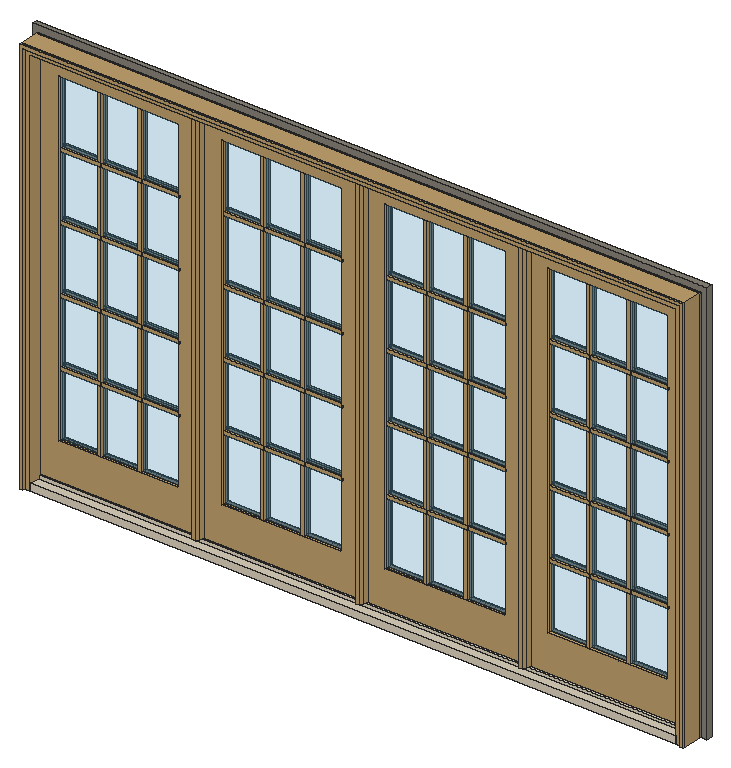
Revit family
Parameters (values of type "CUOFD12070")
  Void Offset = if(and(Casing Visibility, BMC), 0' 1 5/16", if(and(Casing Visibility, Flat Casing), 0' 3", 0' 0"))  # 0' - 1 5/16"
  URL = "www.marvin.com"
  Thickness = 0' - 1 3/4"
  Swing LH_RH = not(Swing Reverse LH_RH)  # yes
  Swing Reverse LH_RH = no
  Sill Material = Fiberglass_Pultrusion-Marvin-Beige
  Rough Width = Width + 0' 1"  # 12' - 0"
  Rough Height = Height + 0' 0 1/2"  # 7' - 2 1/2"
  Prairie Corner Width = 0' - 4"
  Prairie Corner Height = 0' - 4"
  Plan Swing Angle [instance] = 90.00°
  Panel Width = (Width - 0' 2 191/256") / 4  # 2' - 11.06348"
  OXXO Option 1 = Option Choice Constraint = 1  # yes
  XXOO_OOXX Option 2 = Option Choice Constraint = 2  # no
  OOOO Option 3 = Option Choice Constraint = 3  # no
  Note to User = "Enter Option Choice 1-3"  # constant formula
  Option Choice = 1
  Option Choice Constraint = if(Option Choice > 3, 3, if(Option Choice < 1, 1, Option Choice))  # 1
  Nominal Width = 12' - 0"
  Nominal Height = 7' - 0"
  Muntins Interior Visibility = yes
  Muntins Interior Material = Wood-Marvin-Pine
  Muntins Exterior Visibility = yes
  Muntins Exterior Material = Aluminum-Marvin-Bronze
  Model = "CUOFD12070"
  Manufacturer = "Marvin Windows and Doors"
  Lites Wide = 3
  Lites High = 5
  Lite Cut Prairie 9 = no
  Lite Cut HV Grid = not(Lite Cut Prairie 9)  # yes
  Label Visibility = no
  Jamb Extension Visibility = yes
  Interior Material = Wood-Marvin-Pine
  Inset to Installation Flange [instance] = 0' - 1"
  Height = if(Nominal Height = 6' 6", Nominal Height + 0' 1 1/2", if(Nominal Height = 8' 0", Nominal Height - 0' 0 1/2", Nominal Height + 0' 2"))  # 7' - 2"
  Wall Closure = (empty or 0)
  Width = Nominal Width - 0' 1"  # 11' - 11"
  Glazing Material = Glass-Marvin-IG Low E II with Argon
  Glass Type = "IG Low E II with Argon"
  Function = 1
  Frame = "Aluminum Clad"
  Flat Casing Visibility = and(Casing Visibility, Flat Casing)  # no
  Family created by = "www.rbuiltcomponents.com"
  Door Type = "Clad Ultimate Outswing French Door"
  Design Pressure = "DP30"
  Description = "14484 FR DOOR"
  Daylight Area = DLO Width * DLO Height * 4  # 49.8564 SF
  DLO Width = Panel Width - 0' 9 15/32"  # 2' - 1.59473"
  DLO Height = if(Bottom Rail Traditional, Height - 1' 3 7/8", Height - 1' 0 13/32")  # 5' - 10 1/8"
  Cladding Material = Aluminum-Marvin-Bronze
  Casing Width = if(BMC, 0' 1 5/16", 0' 3")  # 0' - 1 5/16"
  Casing Visibility = yes
  Bottom Rail Traditional = not(Bottom Rail Contemporary)  # yes
  Bottom Rail Contemporary = no
  Bottom Rail = if(Bottom Rail Traditional, 0' 9 31/32", 0' 6 1/2")  # 0' - 9 31/32"
  BMC Visibility = and(Casing Visibility, BMC)  # yes
  BMC = yes
  Flat Casing = not(BMC)  # no
  Assembly Code = ""
Reference planes (in)
  plane 1 "Center (Front/Back)": y = 0
  plane 2 "Center (Left/Right)": x = 0
  plane 3 "Left": x = -71.5
  plane 4 "Right": x = 71.5
  plane 5 "Top": z = 86
  plane 6 "Exterior": y = 3
  plane 7 "Interior": y = -3
  plane 8 "Inset": y = 2
  plane 9 "Glazing": y = 1.65625
  plane 10: x = -65.5625
  plane 11: x = 65.5625
  plane 12: z = 80.0625
  plane 13: z = 9.96875
  plane 14 "Jamb Ext Face": y = -2.5625
  plane 15: y = 2.09375
  plane 16: x = 39.96777
  plane 17: x = -39.96777
  plane 18: x = -52.76514
  plane 19: x = 52.76514
  plane 20 "Void Offset": z = 87.3125
  plane 21 "Casing": z = 87.3125
  plane 22: z = 43
  plane 23: x = 30.38965
  plane 24: x = 4.79492
  plane 25: x = -30.38965
  plane 26: x = -4.79492
  plane 27: x = 17.59229
  plane 28: x = -17.59229
  plane 29: y = -2.59375
Forms (in)
  Sweep 1, solid, material "Aluminum-Marvin-Bronze" <- "Cladding Material"
    path origin (0, 1.65625, 0) x (1, 0, 0) y (0, 0, 1)
      loop
        line (-71.5, 0) -> (-71.5, 86) -> (71.5, 86) -> (71.5, 0)
    profile "Clad_Frame : Clad_Frame" origin (-71.5, 1.65625, 43) x (-1, 0, 0) y (0, -1, 0)
      loop
        line (0, -1.43865) -> (0, 0) -> (-1.06374, 0) -> (-1.06374, -0.15859) -> (-0.93767, -0.15859) -> (-0.93767, -0.732) -> (-0.67848, -0.732) -> (-0.67848, -1.43865) -> (0, -1.43865)
  Sweep 2, solid, material "Wood-Marvin-Pine" <- "Interior Material"
    path origin (0, 1.65625, 0) x (1, 0, 0) y (0, 0, 1)
      loop
        line (-71.5, 0) -> (-71.5, 86) -> (71.5, 86) -> (71.5, 0)
    profile "Int_Frame : Int_Frame" origin (-71.5, 1.65625, 43) x (-1, 0, 0) y (0, -1, 0)
      loop
        line (0, 0) -> (0, 4.2176) -> (-1.75053, 4.2176) -> (-1.75053, 1.42331) -> (-1.06374, 1.42331) -> (-1.06374, 0) -> (0, 0)
  Sweep 3, solid, material "Fiberglass_Pultrusion-Marvin-Beige" <- "Sill Material"
    path origin (0, 2, 0) x (1, 0, 0) y (0, 0, 1)
      loop
        line (70.82152, 0) -> (-70.82152, 0)
    profile "Sill : Sill" origin (0, 2, 0) x (0, 0, -1) y (0, -1, 0)
      loop
        line (0, 4.56948) -> (-1.57326, 4.56948) -> (-1.32364, 2.19448) -> (-2.005, 2.19448) -> (-2.005, 1.75698) -> (-1.55064, 1.75698) -> (-1.35612, -0.09375) -> (-0.5775, -0.09375) -> (-0.5775, -1.09375) -> (0, -1.09375) -> (0, 4.56948)
  Extrusion 4, solid, material "Wood-Marvin-Pine" <- "Interior Material", visible <- "Jamb Extension Visibility", detail levels medium+fine
    sketch origin (0, -2.5625, 0) x (1, 0, 0) y (0, 0, 1)
      loop
        line (-71.5, 0) -> (-70.8125, 0) -> (-70.8125, 85.3125) -> (70.8125, 85.3125) -> (70.8125, 0) -> (71.5, 0) -> (71.5, 86) -> (-71.5, 86) -> (-71.5, 0)
    from 0.03125 to 0.4375
  Sweep 5, void
    path in 3D
      loop
        line (-70.82152, -2.56948, 0) -> (-70.82152, -2.56948, 1.57326)
    profile "Sill_Void : Sill_Void" origin (-70.82152, -2.56948, 0.78663) x (0, 1, 0) y (-1, 0, 0)
      loop
        line (0, 0) -> (0, -1.07205) -> (2.79429, -1.07205) -> (2.79429, -0.38526) -> (4.37619, -0.38526) -> (4.37619, -0.25918) -> (4.9496, -0.25918) -> (4.9496, 0) -> (0, 0)
  Sweep 6, void
    path in 3D
      loop
        line (70.82152, -2.56948, 1.57326) -> (70.82152, -2.56948, 0)
    profile "Sill_Void : Sill_Void" origin (70.82152, -2.56948, 0.78663) x (0, 1, 0) y (1, 0, 0)
      loop
        line (0, 0) -> (0, -1.07205) -> (2.79429, -1.07205) -> (2.79429, -0.38526) -> (4.37619, -0.38526) -> (4.37619, -0.25918) -> (4.9496, -0.25918) -> (4.9496, 0) -> (0, 0)
  Extrusion 7, void
    sketch origin (0, 0, 0) x (1, 0, 0) y (0, 1, 0)
      loop
        line (-71.5, 2) -> (-71.5, -3) -> (71.5, -3) -> (71.5, 2) -> (-71.5, 2)
    from 86 to 0
  Extrusion 8, void
    sketch origin (0, 0, 0) x (1, 0, 0) y (0, 1, 0)
      loop
        line (-72.8125, 3.125) -> (-72.8125, 2) -> (72.8125, 2) -> (72.8125, 3.125) -> (-72.8125, 3.125)
    from 87.3125 to 0
  Sweep 9, solid, material "Wood-Marvin-Pine" <- "Interior Material"
    path origin (0, 1.65625, 0) x (1, 0, 0) y (0, 0, 1)
      loop
        line (-35.21777, 2.005) -> (-35.21777, 84.24947)
    profile "Mtg Stile : Mtg Stile" origin (-35.21777, 1.65625, 43.12724) x (-1, 0, 0) y (0, -1, 0)
      loop
        line (0.97168, 1.3124) -> (0.86983, 2.2814) -> (0.68233, 2.2814) -> (0.51486, 2.9064) -> (-0.36451, 2.9064) -> (-0.53198, 2.2814) -> (-0.71948, 2.2814) -> (-0.82132, 1.3124) -> (0.97168, 1.3124)
  Sweep 10, solid, material "Wood-Marvin-Pine" <- "Interior Material"
    path origin (0, 1.65625, 0) x (-1, 0, 0) y (0, 0, 1)
      loop
        line (-35.21777, 2.005) -> (-35.21777, 84.24947)
    profile "Mtg Stile : Mtg Stile" origin (35.21777, 1.65625, 43.12724) x (-1, 0, 0) y (0, -1, 0)
      loop
        line (-0.97168, 1.3124) -> (0.82132, 1.3124) -> (0.71948, 2.2814) -> (0.53198, 2.2814) -> (0.36451, 2.9064) -> (-0.51486, 2.9064) -> (-0.68233, 2.2814) -> (-0.86983, 2.2814) -> (-0.97168, 1.3124)
  Sweep 11, solid, material "Wood-Marvin-Pine" <- "Interior Material"
    path origin (35.18457, 1.65625, 0) x (1, 0, 0) y (0, 0, 1)
      loop
        line (-35.21777, 2.005) -> (-35.21777, 84.24947)
    profile "Mtg Stile : Mtg Stile" origin (-0.0332, 1.65625, 43.12724) x (-1, 0, 0) y (0, -1, 0)
      loop
        line (-0.97168, 1.3124) -> (0.82132, 1.3124) -> (0.71948, 2.2814) -> (0.53198, 2.2814) -> (0.36451, 2.9064) -> (-0.51486, 2.9064) -> (-0.68233, 2.2814) -> (-0.86983, 2.2814) -> (-0.97168, 1.3124)
Cuts and joins
  Sweep 5, Sweep 6 cuts Sweep 3
Lines and regions (in)
  Masking region 1
    outline origin (0, 0, 0) x (0, 1, 0) y (0, 0, 1)
      loop
        line (3.0949, 86) -> (-2.5625, 86) -> (-2.5625, 0) -> (3.0949, 0) -> (3.0949, 86)
  Masking region 2, visible <- "Jamb Extension Visibility"
    outline origin (0, 0, 0) x (1, 0, 0) y (0, 1, 0)
      loop
        line (70.8125, -3) -> (71.5, -3) -> (71.5, -2.59375) -> (70.8125, -2.59375) -> (70.8125, -3)
  Masking region 3, visible <- "Jamb Extension Visibility"
    outline origin (0, 0, 0) x (0, 1, 0) y (-1, 0, 0)
      loop
        line (-3, 70.8125) -> (-2.59375, 70.8125) -> (-2.59375, 71.5) -> (-3, 71.5) -> (-3, 70.8125)
  Masking region 4, visible <- "Jamb Extension Visibility"
    outline origin (0, 0, 0) x (0, 1, 0) y (0, 0, 1)
      loop
        line (-2.59375, 86) -> (-3, 86) -> (-3, 0) -> (-2.59375, 0) -> (-2.59375, 86)
  symbolic lines, style "DoorsFrameMullionProjection", visible <- "Jamb Extension Visibility", detail levels coarse+medium
    curve 1: line (-71.5, -3, 0) -> (-70.8125, -3, 0)
    curve 2: line (-70.8125, -3, 0) -> (-70.8125, -2.59375, 0)
    curve 3: line (71.5, -3, 0) -> (70.8125, -3, 0)
    curve 4: line (70.8125, -3, 0) -> (70.8125, -2.59375, 0)
    curve 7: line (0, -2.59375, 85.3125) -> (0, -3, 85.3125)
    curve 8: line (0, -3, 85.3125) -> (0, -3, 86)
  symbolic lines, style "Jamb Extension", visible <- "Jamb Extension Visibility", detail levels fine
    curve 5: line (0, -2.59375, 85.3125) -> (0, -3, 85.3125)
    curve 6: line (0, -3, 85.3125) -> (0, -3, 86)
  symbolic lines, style "DoorsFrameMullionProjection", detail levels coarse+medium
    curve 9: line (0, 3.0949, 86) -> (0, 3.0949, 84.93626)
    curve 10: line (0, 3.0949, 84.93626) -> (0, -2.5625, 84.93626)
    curve 11: line (0, -2.5625, 84.93626) -> (0, -2.5625, 86)
    curve 20: line (0, 2.09375, 80.0625) -> (0, 2.09375, 9.96875)
    curve 21: line (0, 0.3426, 80.0625) -> (0, 0.3426, 9.96875)
    curve 24: line (0, 3.09375, 0.5775) -> (0, 2.09375, 0.5775)
    curve 25: line (0, 2.09375, 1.375) -> (0, 2.09375, 0.5775)
    curve 26: line (0, 2.09375, 1.375) -> (0, -2.5625, 1.375)
    curve 27: line (0, -2.5625, 0) -> (0, -2.5625, 1.375)
    curve 28: line (0, 3.09375, 0) -> (0, 3.09375, 0.5775)
    curve 29: line (0, 3.09375, 0) -> (0, -2.5625, 0)
    curve 30: line (71.5, -2.59375, 0) -> (71.5, -3, 0)
    curve 31: line (-71.5, -2.59375, 0) -> (-71.5, -3, 0)
    curve 32: line (0, 3.0949, 86) -> (0, -3, 86)
  symbolic lines, style "DoorsPanelProjection", detail levels coarse+medium
    curve 12: line (0, 2.09375, 80.0625) -> (0, 2.09375, 84.93626)
    curve 13: line (0, 0.3426, 80.0625) -> (0, 2.09375, 80.0625)
    curve 14: line (0, 0.3426, 84.93626) -> (0, 0.3426, 80.0625)
    curve 15: line (0, 2.09375, 9.96875) -> (0, 0.3426, 9.96875)
    curve 16: line (0, 2.09375, 1.625) -> (0, 2.09375, 9.96875)
    curve 17: line (0, 0.3426, 1.625) -> (0, 2.09375, 1.625)
    curve 18: line (0, 0.3426, 9.96875) -> (0, 0.3426, 1.625)
  symbolic lines, style "DoorsGlassProjection", detail levels coarse+medium
    curve 19: line (0, 1.21875, 9.96875) -> (0, 1.21875, 80.0625)
  symbolic lines, style "Elevation Swing", visible <- "XXOO_OOXX Option 2"
    curve 22: line (35.17871, 1.65625, 1.57895) -> (70.3125, 1.65625, 43)
    curve 23: line (70.3125, 1.65625, 43) -> (35.17873, 1.65625, 84.85906)
    curve 37: line (-0.0625, 1.65625, 43) -> (35.17873, 1.65625, 84.85906)
    curve 38: line (35.17871, 1.65625, 1.57895) -> (-0.0625, 1.65625, 43)
  sketch lines
    curve 33: line (-70.82152, -2.56948, 0) -> (-70.82152, -2.56948, 1.57326)
    curve 34: line (70.82152, -2.56948, 1.57326) -> (70.82152, -2.56948, 0)
  symbolic lines, style "Elevation Swing", visible <- "OXXO Option 1"
    curve 35: line (0.04492, 1.65625, 1.57204) -> (35.13965, 1.65625, 43)
    curve 36: line (35.13965, 1.65625, 43) -> (0.04492, 1.65625, 84.90913)
    curve 39: line (0.04492, 1.65625, 1.57204) -> (-35.13965, 1.65625, 43)
    curve 40: line (-35.13965, 1.65625, 43) -> (0.04492, 1.65625, 84.90913)
Text (in)
  text "Exterior" at (-74.96733, 27.31104, 0), in view "Ref. Level"
  text "Interior" at (-74.96733, -25.14366, 0), in view "Ref. Level"
  text "Exterior" at (0, 40.15149, 123.01588), in view "Right"
  text "Interior" at (0, -64.39139, 123.01588), in view "Right"
  text "Interior" at (0, -31.01599, 123.00693), in view "Left"
  text "Exterior" at (0, 54.57065, 123.00693), in view "Left"
Dimensions and locks (in)
  equal spacing: plane 3 "Left", plane 2 "Center (Left/Right)", plane 4 "Right"
  "Height": level to plane 5 "Top"
  "Width": plane 3 "Left" to plane 4 "Right"
  locked: plane 11 to plane 4 "Right" at 5.9375
  locked: plane 3 "Left" to plane 10 at 5.9375
  locked: plane 12 to plane 5 "Top" at 5.9375
  "Bottom Rail": level to plane 13
  locked: Extrusion 4 sketch curve to plane 4 "Right" at 0.6875
  locked: plane 3 "Left" to Extrusion 4 sketch curve at 0.6875
  locked: plane 5 "Top" to Extrusion 4 sketch curve at 0.6875
  locked: nested 3 to plane 9 "Glazing" at 0.8125
  "Inset to Installation Flange": host wall to plane 8 "Inset"
  locked: plane 9 "Glazing" to plane 8 "Inset" at 0.34375
  locked: plane 14 "Jamb Ext Face" to plane 8 "Inset" at 4.5625
  locked: plane 8 "Inset" to plane 15 at 0.09375
  locked: nested 5 to host wall at 12
  equal spacing: plane 17, plane 18, plane 10
  equal spacing: plane 16, plane 19, plane 11
  locked: curve 26 to level at 1.375
  locked: Extrusion 8 sketch curve to host wall at 0.125
  "Void Offset": Extrusion 8 sketch curve to plane 3 "Left"
  "Void Offset": plane 4 "Right" to Extrusion 8 sketch curve
  "Void Offset": plane 5 "Top" to plane 20 "Void Offset"
  "Casing Width": plane 5 "Top" to plane 21 "Casing"
  equal spacing: level, plane 22, plane 5 "Top"
  "DLO Width": plane 16 to plane 11
  "DLO Width": plane 17 to plane 10
  "DLO Width": plane 23 to plane 24
  locked: plane 9 "Glazing" to nested 9 at 0.8125
  locked: plane 16 to plane 23 at 9.57813
  "DLO Width": plane 25 to plane 26
  locked: plane 17 to plane 25 at 9.57813
  equal spacing: plane 23, plane 27, plane 24
  equal spacing: plane 25, plane 28, plane 26
  locked: plane 9 "Glazing" to nested 11 at 0.8125
  locked: plane 29 to plane 14 "Jamb Ext Face" at 0.03125
  locked: Sweep 9 sketch curve to plane 17 at 4.75
  locked: plane 26 to Sweep 11 sketch curve at 4.76172
  locked: plane 16 to Sweep 10 sketch curve at 4.75
  aligned and locked: plane 6 "Exterior" to host wall
  aligned and locked: plane 7 "Interior" to host wall
  aligned and locked: plane 3 "Left" to Sweep 1 sketch curve
  aligned and locked: level to Sweep 1 sketch curve  (x2)
  aligned and locked: Sweep 1 sketch curve to plane 5 "Top"
  aligned and locked: Sweep 1 sketch curve to plane 4 "Right"
  aligned and locked: plane 3 "Left" to Sweep 2 sketch curve
  aligned and locked: level to Sweep 2 sketch curve  (x2)
  aligned and locked: Sweep 2 sketch curve to plane 5 "Top"
  aligned and locked: Sweep 2 sketch curve to plane 4 "Right"
  aligned and locked: level to nested 1
  aligned and locked: nested 1 to plane 8 "Inset"
  aligned and locked: Sweep 3 sketch curve to level
  aligned and locked: Extrusion 4 sketch curve to plane 3 "Left"
  aligned and locked: plane 5 "Top" to Extrusion 4 sketch curve
  aligned and locked: plane 4 "Right" to Extrusion 4 sketch curve
  aligned and locked: level to Extrusion 4 sketch curve  (x2)
  aligned and locked: Sweep 1 to Extrusion 4 sketch curve
  aligned and locked: host wall to Extrusion 4
  aligned and locked: plane 9 "Glazing" to nested 2
  aligned and locked: plane 12 to nested 2
  aligned and locked: nested 3 to plane 12
  aligned and locked: curve 1 to Extrusion 4
  aligned and locked: plane 4 "Right" to curve 3
  aligned and locked: curve 4 to Extrusion 4
  aligned and locked: curve 3 to Extrusion 4
  aligned and locked: Extrusion 4 to curve 5
  aligned and locked: Extrusion 4 to curve 6
  aligned and locked: plane 5 "Top" to curve 8
  aligned and locked: Extrusion 4 to curve 7
  aligned and locked: plane 5 "Top" to curve 11
  aligned and locked: plane 14 "Jamb Ext Face" to curve 11
  aligned and locked: curve 9 to Sweep 1
  aligned and locked: curve 10 to Sweep 2
  aligned and locked: curve 13 to plane 12
  aligned and locked: curve 15 to plane 13
  aligned and locked: curve 13 to curve 19
  aligned and locked: curve 15 to curve 19
  aligned and locked: plane 5 "Top" to Masking region 1 sketch curve
  aligned and locked: level to Masking region 1 sketch curve
  aligned and locked: Masking region 1 sketch curve to Sweep 1
  aligned and locked: plane 8 "Inset" to nested 4
  aligned and locked: plane 2 "Center (Left/Right)" to nested 5
  aligned and locked: nested 4 to plane 4 "Right"
  aligned and locked: Sweep 3 sketch curve to Sweep 1
  aligned and locked: Sweep 1 to Sweep 3 sketch curve
  aligned and locked: plane 19 to nested 2
  aligned and locked: nested 3 to plane 19
  aligned and locked: nested 6 to plane 18
  aligned and locked: nested 6 to plane 12
  aligned and locked: plane 18 to nested 7
  aligned and locked: plane 12 to nested 7
  aligned and locked: nested 6 to plane 9 "Glazing"
  aligned and locked: nested 3 to nested 7
  aligned and locked: nested 4 to curve 30
  aligned and locked: curve 25 to cut or joined group of Sweep 3, Sweep 5, Sweep 6
  aligned and locked: curve 24 to cut or joined group of Sweep 3, Sweep 5, Sweep 6
  aligned and locked: plane 14 "Jamb Ext Face" to curve 27
  aligned and locked: Extrusion 7 sketch curve to host wall
  aligned and locked: Extrusion 7 sketch curve to plane 3 "Left"
  aligned and locked: plane 4 "Right" to Extrusion 7 sketch curve
  aligned and locked: plane 8 "Inset" to Extrusion 7 sketch curve
  aligned and locked: Extrusion 8 sketch curve to plane 8 "Inset"
  aligned and locked: Extrusion 8 to plane 20 "Void Offset"
  aligned and locked: Extrusion 8 to level
  aligned and locked: Extrusion 7 to plane 5 "Top"
  aligned and locked: Extrusion 7 to level
  aligned and locked: plane 2 "Center (Left/Right)" to nested 8
  aligned and locked: plane 8 "Inset" to nested 8
  aligned and locked: level to nested 8
  aligned and locked: host wall to Masking region 2 sketch curve
  aligned and locked: Masking region 2 sketch curve to plane 4 "Right"
  aligned and locked: Masking region 2 sketch curve to Extrusion 4
  aligned and locked: Masking region 3 sketch curve to host wall
  aligned and locked: Masking region 3 sketch curve to plane 3 "Left"
  aligned and locked: Masking region 3 sketch curve to Extrusion 4
  aligned and locked: curve 2 to Extrusion 4
  aligned and locked: plane 22 to curve 22
  aligned and locked: plane 22 to curve 38
  aligned and locked: plane 12 to nested 9
  aligned and locked: plane 12 to nested 10
  aligned and locked: plane 9 "Glazing" to nested 10
  aligned and locked: nested 10 to plane 27
  aligned and locked: plane 27 to nested 9
  aligned and locked: nested 11 to plane 28
  aligned and locked: plane 12 to nested 11
  aligned and locked: plane 28 to nested 12
  aligned and locked: plane 12 to nested 12
  aligned and locked: plane 9 "Glazing" to nested 12
  aligned and locked: plane 22 to curve 39
  aligned and locked: Extrusion 4 to plane 29
  aligned and locked: plane 29 to Masking region 3 sketch curve
  aligned and locked: plane 29 to curve 31
  aligned and locked: plane 29 to curve 2
  aligned and locked: Masking region 2 sketch curve to plane 29
  aligned and locked: plane 29 to curve 30
  aligned and locked: plane 29 to curve 4
  aligned and locked: plane 29 to curve 7
  aligned and locked: plane 29 to curve 5
  aligned and locked: Masking region 1 sketch curve to plane 14 "Jamb Ext Face"
  aligned and locked: plane 5 "Top" to Masking region 4 sketch curve
  aligned and locked: level to Masking region 4 sketch curve
  aligned and locked: plane 29 to Masking region 4 sketch curve
  aligned and locked: Masking region 4 sketch curve to host wall
  aligned and locked: curve 28 to nested 1
  aligned and locked: plane 18 to nested 13
  aligned and locked: nested 13 to plane 12
  aligned and locked: nested 14 to plane 28
  aligned and locked: plane 12 to nested 14
  aligned and locked: plane 27 to nested 16
  aligned and locked: nested 15 to plane 19
  aligned and locked: plane 12 to nested 15
  aligned and locked: nested 16 to plane 12
  aligned and locked: plane 9 "Glazing" to nested 13
  aligned and locked: nested 14 to plane 9 "Glazing"
  aligned and locked: plane 9 "Glazing" to nested 16
  aligned and locked: nested 15 to plane 9 "Glazing"
  aligned and locked: Sweep 2 to Sweep 9 sketch curve
  aligned and locked: Sweep 9 sketch curve to cut or joined group of Sweep 3, Sweep 5, Sweep 6
  aligned and locked: Sweep 2 to Sweep 11 sketch curve
  aligned and locked: cut or joined group of Sweep 3, Sweep 5, Sweep 6 to Sweep 11 sketch curve
  aligned and locked: Sweep 2 to Sweep 10 sketch curve
  aligned and locked: cut or joined group of Sweep 3, Sweep 5, Sweep 6 to Sweep 10 sketch curve
  aligned and locked: curve 14 to nested 1
Automatic sketch dimensions
  curve 29 to level = 0' - 0"
  plane 9 "Glazing" to curve 19 = 0' - 0 7/16"
  curve 16 to plane 15 = 0' - 0"
  curve 25 to curve 17 = 0' - 0 1/4"
  curve 1 to plane 3 "Left" = 0' - 0"
  curve 35 to plane 22 = 0' - 0"
  plane 25 to curve 40 = 0' - 4 3/4"
  curve 38 to plane 2 "Center (Left/Right)" = 0' - 0 1/16"
  plane 2 "Center (Left/Right)" to curve 35 = 0' - 0.04492"
  plane 2 "Center (Left/Right)" to curve 40 = 0' - 0.04492"
  plane 23 to curve 35 = 0' - 4 3/4"
  level to curve 38 = 0' - 1.57895"
  curve 38 to plane 16 = 0' - 4 101/128"
  plane 5 "Top" to curve 23 = 0' - 1.14094"
  curve 23 to plane 16 = 0' - 4 101/128"
  plane 4 "Right" to curve 22 = 0' - 1 3/16"
  level to curve 35 = 0' - 1.57204"
  plane 5 "Top" to curve 40 = 0' - 1.09087"
Nested families (in)
  nested 1: "Door_Section_Detail" at (0, 2, 0) x (0, -1, 0) z (1, 0, 0), type "Door_Section_Detail", detail levels fine
  nested 2: "Muntins" at (52.76514, 1.65625, -26.0625), visible <- "Muntins Exterior Visibility", Muntin Material <- "Muntins Exterior Material", type "Muntins"
    with Muntin Material Aluminum-Marvin-Bronze, GlazingWidth 2' - 1.59473", GlazingHeight 5' - 10 1/8", Width 2' - 2.03223", LitesVertical 5, HorizontalMuntins 4, Height 5' - 10 9/16", Inset Vert 0' - 8.30241", Inset Horiz 1' - 1.7375"
  nested 3: "Muntins" at (52.76514, 0.84375, -26.0625), Muntin Material <- "Muntins Interior Material", visible <- "Muntins Interior Visibility", type "Muntins"
    with Muntin Material Wood-Marvin-Pine, GlazingWidth 2' - 1.59473", GlazingHeight 5' - 10 1/8", Width 2' - 2.03223", LitesVertical 5, HorizontalMuntins 4, Height 5' - 10 9/16", Inset Vert 0' - 8.30241", Inset Horiz 1' - 1.7375"
  nested 4: "Door_Plan_Detail" at (99.56348, 2, 0), type "Door_Plan_Detail"
  nested 5: "Label Annotation 1-16 w5" at (0, 15, 0), visible <- "Label Visibility", type "Label Annotation 1-16 w5"
  nested 6: "Muntins" at (-52.76514, 1.65625, -26.0625) x (-1, 0, 0) z (0, 0, 1), visible <- "Muntins Exterior Visibility", Muntin Material <- "Muntins Exterior Material", type "Muntins"
    with Muntin Material Aluminum-Marvin-Bronze, GlazingWidth 2' - 1.59473", GlazingHeight 5' - 10 1/8", Width 2' - 2.03223", LitesVertical 5, HorizontalMuntins 4, Height 5' - 10 9/16", Inset Vert 0' - 8.30241", Inset Horiz 1' - 1.7375"
  nested 7: "Muntins" at (-52.76514, 0.84375, -26.0625) x (-1, 0, 0) z (0, 0, 1), Muntin Material <- "Muntins Interior Material", visible <- "Muntins Interior Visibility", type "Muntins"
    with Muntin Material Wood-Marvin-Pine, GlazingWidth 2' - 1.59473", GlazingHeight 5' - 10 1/8", Width 2' - 2.03223", LitesVertical 5, HorizontalMuntins 4, Height 5' - 10 9/16", Inset Vert 0' - 8.30241", Inset Horiz 1' - 1.7375"
  nested 8: "Casing_Clad" at (0, 2, 0), visible <- "Casing Visibility", type "Casing_Clad"
    with Width 11' - 11", Height 7' - 2"
  nested 9: "Muntins" at (17.59229, 0.84375, -26.0625) x (-1, 0, 0) z (0, 0, 1), Muntin Material <- "Muntins Interior Material", visible <- "Muntins Interior Visibility", type "Muntins"
    with Muntin Material Wood-Marvin-Pine, GlazingWidth 2' - 1.59473", GlazingHeight 5' - 10 1/8", Width 2' - 2.03223", LitesVertical 5, HorizontalMuntins 4, Height 5' - 10 9/16", Inset Vert 0' - 8.30241", Inset Horiz 1' - 1.7375"
  nested 10: "Muntins" at (17.59229, 1.65625, -26.0625), visible <- "Muntins Exterior Visibility", Muntin Material <- "Muntins Exterior Material", type "Muntins"
    with Muntin Material Aluminum-Marvin-Bronze, GlazingWidth 2' - 1.59473", GlazingHeight 5' - 10 1/8", Width 2' - 2.03223", LitesVertical 5, HorizontalMuntins 4, Height 5' - 10 9/16", Inset Vert 0' - 8.30241", Inset Horiz 1' - 1.7375"
  nested 11: "Muntins" at (-17.59229, 0.84375, -26.0625) x (-1, 0, 0) z (0, 0, 1), Muntin Material <- "Muntins Interior Material", visible <- "Muntins Interior Visibility", type "Muntins"
    with Muntin Material Wood-Marvin-Pine, GlazingWidth 2' - 1.59473", GlazingHeight 5' - 10 1/8", Width 2' - 2.03223", LitesVertical 5, HorizontalMuntins 4, Height 5' - 10 9/16", Inset Vert 0' - 8.30241", Inset Horiz 1' - 1.7375"
  nested 12: "Muntins" at (-17.59229, 1.65625, -26.0625), visible <- "Muntins Exterior Visibility", Muntin Material <- "Muntins Exterior Material", type "Muntins"
    with Muntin Material Aluminum-Marvin-Bronze, GlazingWidth 2' - 1.59473", GlazingHeight 5' - 10 1/8", Width 2' - 2.03223", LitesVertical 5, HorizontalMuntins 4, Height 5' - 10 9/16", Inset Vert 0' - 8.30241", Inset Horiz 1' - 1.7375"
  nested 13: "Panel" at (-52.76514, 1.65625, 1.84375), type "Panel"
    with Width 2' - 11.09473", Height 6' - 10 31/32", DLO Width 2' - 1.59473", DLO Height 5' - 10 1/8"
  nested 14: "Panel" at (-17.59229, 1.65625, 1.84375) x (-1, 0, 0) z (0, 0, 1), type "Panel"
    with Width 2' - 11.09473", Height 6' - 10 31/32", DLO Width 2' - 1.59473", DLO Height 5' - 10 1/8"
  nested 15: "Panel" at (52.76514, 1.65625, 1.84375) x (-1, 0, 0) z (0, 0, 1), type "Panel"
    with Width 2' - 11.09473", Height 6' - 10 31/32", DLO Width 2' - 1.59473", DLO Height 5' - 10 1/8"
  nested 16: "Panel" at (17.59229, 1.65625, 1.84375), type "Panel"
    with Width 2' - 11.09473", Height 6' - 10 31/32", DLO Width 2' - 1.59473", DLO Height 5' - 10 1/8"
Definition of nested family "Muntins"
  Parameters (values of type "Muntins")
    PrairieMuntVisible = no
    Prairie Corner Width = 0' - 4"
    Prairie Corner Height = 0' - 4"
    Muntin Extension = 0' - 0 7/16"
    GridMuntVisible = yes
    GlazingWidth = 2' - 0"
    GlazingHeight = 2' - 11 1/8"
    Width = GlazingWidth + Muntin Extension  # 2' - 0 7/16"
    VerticalMuntins = if(LitesHorizontal < 3, 2, LitesHorizontal - 1)  # 2
    VertMuntVisible = and(GridMuntVisible, LitesHorizontal > 2)  # yes
    MuntinWidth = 0' - 0 3/4"
    MuntinDepth [instance] = 0' - 0 3/8"
    Muntin Material [instance] = none
    LitesVertical = 3
    LitesHorizontal = 3
    HorizontalMuntins = if(LitesVertical < 3, 2, LitesVertical - 1)  # 2
    HorizMuntVisible = and(GridMuntVisible, LitesVertical > 2)  # yes
    Height = GlazingHeight + Muntin Extension  # 2' - 11 9/16"
    Inset Vert = if(LitesHorizontal < 3, (Width / 3) - (MuntinWidth / 2), (Width / LitesHorizontal) - (MuntinWidth / 2))  # 0' - 7.77083"
    Inset Horiz = if(LitesVertical < 3, (Height / 3) - (MuntinWidth / 2), (Height / LitesVertical) - (MuntinWidth / 2))  # 0' - 11.47917"
    CenterMuntinVertical = and(GridMuntVisible, LitesHorizontal = 2)  # no
    CenterMuntinHorizontal = and(GridMuntVisible, LitesVertical = 2)  # no
    Assembly Code = ""
  Reference planes (in)
    plane 1 "Center (Front/Back)": y = 0
    plane 2: z = 0
    plane 3 "Center (Left/Right)": x = 0
    plane 4: z = 35.78125
    plane 5: z = 53.5625
    plane 6: z = 71.34375
    plane 7: z = 59.86458
    plane 8: z = 47.26042
    plane 9: z = 71.125
    plane 10: z = 36
    plane 11: x = -12
    plane 12: x = 12
    plane 13: x = -4.44792
    plane 14: x = -12.21875
    plane 15: x = 12.21875
    plane 16: x = 4.44792
    plane 17: z = 67.125
    plane 18: z = 40
    plane 19: x = -8
    plane 20: x = 8
  Forms (in)
    Extrusion 1, solid, material <- "Muntin Material", visible <- "CenterMuntinVertical", detail levels medium+fine
      sketch origin (9, 0, 0) x (1, 0, 0) y (0, 0, 1)
        loop
          line (-9.375, 71.34375) -> (-9.375, 35.78125) -> (-8.625, 35.78125) -> (-8.625, 71.34375) -> (-9.375, 71.34375)
      from 0 to 0.375 <- "MuntinDepth"
    Extrusion 2, solid, material <- "Muntin Material", visible <- "CenterMuntinHorizontal", detail levels medium+fine
      sketch origin (-0.0013, 0, 14.6875) x (1, 0, 0) y (0, 0, 1)
        loop
          line (-12.21745, 39.25) -> (-12.21745, 38.5) -> (12.22005, 38.5) -> (12.22005, 39.25) -> (-12.21745, 39.25)
      from 0 to 0.375 <- "MuntinDepth"
    Extrusion 3, solid, material <- "Muntin Material", visible <- "VertMuntVisible", detail levels medium+fine
      sketch origin (4.92708, 0, -2.90625) x (1, 0, 0) y (0, 0, 1)
        loop
          line (-9.375, 74.25) -> (-9.375, 38.6875) -> (-8.625, 38.6875) -> (-8.625, 74.25) -> (-9.375, 74.25)
      from 0 to 0.375 <- "MuntinDepth"
    Extrusion 4, solid, material <- "Muntin Material", visible <- "HorizMuntVisible", detail levels medium+fine
      sketch origin (-3.09635, 0, 14.17708) x (1, 0, 0) y (0, 0, 1)
        loop
          line (-9.1224, 45.6875) -> (-9.1224, 44.9375) -> (15.3151, 44.9375) -> (15.3151, 45.6875) -> (-9.1224, 45.6875)
      from 0 to 0.375 <- "MuntinDepth"
    Extrusion 5, solid, material <- "Muntin Material", visible <- "HorizMuntVisible", detail levels medium+fine
      sketch origin (-3.09635, 0, 2.32292) x (1, 0, 0) y (0, 0, 1)
        loop
          line (-9.1224, 45.6875) -> (-9.1224, 44.9375) -> (15.3151, 44.9375) -> (15.3151, 45.6875) -> (-9.1224, 45.6875)
      from 0 to 0.375 <- "MuntinDepth"
    Extrusion 6, solid, material <- "Muntin Material", visible <- "VertMuntVisible", detail levels medium+fine
      sketch origin (13.07292, 0, -2.90625) x (1, 0, 0) y (0, 0, 1)
        loop
          line (-9.375, 74.25) -> (-9.375, 38.6875) -> (-8.625, 38.6875) -> (-8.625, 74.25) -> (-9.375, 74.25)
      from 0 to 0.375 <- "MuntinDepth"
    Extrusion 7, solid, material <- "Muntin Material", visible <- "PrairieMuntVisible", detail levels medium+fine
      sketch origin (1, 0, 0) x (1, 0, 0) y (0, 0, 1)
        loop
          line (-9, 71.34375) -> (-9, 35.78125) -> (-8.25, 35.78125) -> (-8.25, 71.34375) -> (-9, 71.34375)
      from 0 to 0.375 <- "MuntinDepth"
    Extrusion 8, solid, material <- "Muntin Material", visible <- "PrairieMuntVisible", detail levels medium+fine
      sketch origin (17, 0, 0) x (1, 0, 0) y (0, 0, 1)
        loop
          line (-9.75, 71.34375) -> (-9.75, 35.78125) -> (-9, 35.78125) -> (-9, 71.34375) -> (-9.75, 71.34375)
      from 0 to 0.375 <- "MuntinDepth"
    Extrusion 9, solid, material <- "Muntin Material", visible <- "PrairieMuntVisible", detail levels medium+fine
      sketch origin (-0.0013, 0, 28.25) x (1, 0, 0) y (0, 0, 1)
        loop
          line (-12.21745, 38.875) -> (-12.21745, 38.125) -> (12.22005, 38.125) -> (12.22005, 38.875) -> (-12.21745, 38.875)
      from 0 to 0.375 <- "MuntinDepth"
    Extrusion 10, solid, material <- "Muntin Material", visible <- "PrairieMuntVisible", detail levels medium+fine
      sketch origin (-0.0013, 0, 1.125) x (1, 0, 0) y (0, 0, 1)
        loop
          line (-12.21745, 39.625) -> (-12.21745, 38.875) -> (12.22005, 38.875) -> (12.22005, 39.625) -> (-12.21745, 39.625)
      from 0 to 0.375 <- "MuntinDepth"
  Cuts and joins
    joined: Extrusion 7, Extrusion 8, Extrusion 9, Extrusion 10
  Lines and regions (in)
    model lines, style "Muntins", visible <- "CenterMuntinHorizontal", detail levels coarse
      curve 1: line (-12.21875, 0, 53.5625) -> (12.21875, 0, 53.5625)
    model lines, style "Muntins", visible <- "HorizMuntVisible", detail levels coarse
      curve 2: line (-12.21875, 0, 59.48958) -> (12.21875, 0, 59.48958)
      curve 3: line (-12.21875, 0, 47.63542) -> (12.21875, 0, 47.63542)
    model lines, style "Muntins", visible <- "CenterMuntinVertical", detail levels coarse
      curve 4: line (0, 0, 71.34375) -> (0, 0, 35.78125)
    model lines, style "Muntins", visible <- "VertMuntVisible", detail levels coarse
      curve 5: line (-4.07292, 0, 71.34375) -> (-4.07292, 0, 35.78125)
      curve 6: line (4.07292, 0, 71.34375) -> (4.07292, 0, 35.78125)
    model lines, style "Muntins", visible <- "PrairieMuntVisible", detail levels coarse
      curve 7: line (-12.21875, 0, 66.75) -> (12.21875, 0, 66.75)
      curve 8: line (-12.21875, 0, 40.375) -> (12.21875, 0, 40.375)
      curve 9: line (-7.625, 0, 35.78125) -> (-7.625, 0, 71.34375)
      curve 10: line (7.625, 0, 35.78125) -> (7.625, 0, 71.34375)
  Dimensions and locks (in)
    "Inset Horiz": plane 6 to plane 7
    "Inset Horiz": plane 8 to plane 4
    equal spacing: plane 6, plane 5, plane 4
    "Height": plane 6 to plane 4
    "GlazingHeight": plane 9 to plane 10
    equal spacing: plane 9, plane 5, plane 10
    "GlazingWidth": plane 12 to plane 11
    equal spacing: plane 12, plane 3 "Center (Left/Right)", plane 11
    "MuntinWidth": Extrusion 1 sketch curve to Extrusion 1 sketch curve
    "Height": Extrusion 1 sketch curve to Extrusion 1 sketch curve
    "MuntinWidth": Extrusion 2 sketch curve to Extrusion 2 sketch curve
    "Width": Extrusion 2 sketch curve to Extrusion 2 sketch curve
    "MuntinWidth": Extrusion 3 sketch curve to Extrusion 3 sketch curve
    "Height": Extrusion 3 sketch curve to Extrusion 3 sketch curve
    "Width": plane 15 to plane 14
    equal spacing: plane 15, plane 3 "Center (Left/Right)", plane 14
    "Inset Vert": plane 13 to plane 14
    "Inset Vert": plane 15 to plane 16
    "MuntinWidth": Extrusion 4 sketch curve to Extrusion 4 sketch curve
    "Width": Extrusion 4 sketch curve to Extrusion 4 sketch curve
    "MuntinWidth": Extrusion 5 sketch curve to Extrusion 5 sketch curve
    "Width": Extrusion 5 sketch curve to Extrusion 5 sketch curve
    group 2 to group 3 = 0' - 0"  (x2)
    group 3 to group 2 = 0' - 11.85417"
    "MuntinWidth": Extrusion 6 sketch curve to Extrusion 6 sketch curve
    "Height": Extrusion 6 sketch curve to Extrusion 6 sketch curve
    group 4 to group 5 = 0' - 8.14583"
    group 4 to group 5 = 0' - 0"  (x2)
    "Prairie Corner Width": plane 19 to plane 11
    "Prairie Corner Width": plane 20 to plane 12
    "Prairie Corner Height": plane 9 to plane 17
    "Prairie Corner Height": plane 18 to plane 10
    "MuntinWidth": Extrusion 7 sketch curve to Extrusion 7 sketch curve
    "Height": Extrusion 7 sketch curve to Extrusion 7 sketch curve
    "MuntinWidth": Extrusion 8 sketch curve to Extrusion 8 sketch curve
    "Height": Extrusion 8 sketch curve to Extrusion 8 sketch curve
    "MuntinWidth": Extrusion 9 sketch curve to Extrusion 9 sketch curve
    "Width": Extrusion 9 sketch curve to Extrusion 9 sketch curve
    "MuntinWidth": Extrusion 10 sketch curve to Extrusion 10 sketch curve
    "Width": Extrusion 10 sketch curve to Extrusion 10 sketch curve
    aligned and locked: plane 6 to Extrusion 1  (x2)
    aligned and locked: Extrusion 1 to plane 4  (x3)
    aligned and locked: Extrusion 3 to plane 13  (x5)
    aligned and locked: Extrusion 3 to plane 4  (x3)
    aligned and locked: Extrusion 2 to plane 14
    aligned and locked: plane 15 to Extrusion 2
    aligned and locked: plane 6 to Extrusion 3
    aligned and locked: plane 7 to Extrusion 4
    aligned and locked: Extrusion 4 to plane 14
    aligned and locked: plane 15 to Extrusion 4
    aligned and locked: curve 1 to plane 5
    aligned and locked: plane 14 to curve 1
    aligned and locked: plane 15 to curve 1
    aligned and locked: Extrusion 5 to plane 14
    aligned and locked: Extrusion 5 to plane 8
    aligned and locked: plane 15 to Extrusion 5
    aligned and locked: Extrusion 5 to curve 3  (x2)
    aligned and locked: Extrusion 4 to curve 2  (x2)
    aligned and locked: curve 4 to plane 3 "Center (Left/Right)"
    aligned and locked: Extrusion 1 to curve 4  (x2)
    aligned and locked: Extrusion 3 to curve 5  (x2)
    aligned and locked: Extrusion 6 to curve 6  (x2)
    aligned and locked: Extrusion 6 to plane 16
    aligned and locked: plane 6 to Extrusion 6
    aligned and locked: plane 6 to curve 6
    aligned and locked: Extrusion 6 to plane 4
    aligned and locked: plane 4 to curve 6
    aligned and locked: cut or joined group of Extrusion 7, Extrusion 8, Extrusion 9, Extrusion 10 to plane 19
    aligned and locked: plane 20 to cut or joined group of Extrusion 7, Extrusion 8, Extrusion 9, Extrusion 10
    aligned and locked: plane 17 to cut or joined group of Extrusion 7, Extrusion 8, Extrusion 9, Extrusion 10
    aligned and locked: cut or joined group of Extrusion 7, Extrusion 8, Extrusion 9, Extrusion 10 to plane 18
    aligned and locked: cut or joined group of Extrusion 7, Extrusion 8, Extrusion 9, Extrusion 10 to curve 7  (x2)
    aligned and locked: cut or joined group of Extrusion 7, Extrusion 8, Extrusion 9, Extrusion 10 to curve 8  (x2)
    aligned and locked: cut or joined group of Extrusion 7, Extrusion 8, Extrusion 9, Extrusion 10 to curve 9  (x2)
    aligned and locked: cut or joined group of Extrusion 7, Extrusion 8, Extrusion 9, Extrusion 10 to curve 10  (x2)
  Automatic sketch dimensions
    Extrusion 1 sketch curve to plane 4 = 0' - 0"
    Extrusion 1 sketch curve to plane 3 "Center (Left/Right)" = 0' - 0 3/8"
    Extrusion 2 sketch curve to plane 14 = 0' - 0"
    Extrusion 2 sketch curve to plane 5 = 0' - 0 3/8"
    Extrusion 7 sketch curve to plane 4 = 0' - 0"
    Extrusion 7 sketch curve to plane 19 = 0' - 0"
    Extrusion 8 sketch curve to plane 4 = 0' - 0"
    Extrusion 8 sketch curve to plane 20 = 0' - 0 3/4"
    Extrusion 9 sketch curve to plane 14 = 0' - 0"
    Extrusion 9 sketch curve to plane 17 = 0' - 0 3/4"
    Extrusion 10 sketch curve to plane 14 = 0' - 0"
    Extrusion 10 sketch curve to plane 18 = 0' - 0"
    plane 19 to curve 9 = 0' - 0 3/8"
    curve 10 to plane 20 = 0' - 0 3/8"
    plane 18 to curve 8 = 0' - 0 3/8"
    curve 7 to plane 17 = 0' - 0 3/8"
Definition of nested family "Casing_Clad"
  Parameters (values of type "Casing_Clad")
    Width = 16' - 0"
    Height = 12' - 0"
    Flat Casing Visibility = no
    Cladding Finish = Aluminum-Marvin-Bronze
    BMC Visibility = yes
    Assembly Code = ""
  Reference planes (in)
    plane 1 "Center (Front/Back)": y = 0
    plane 2: z = 0
    plane 3 "Center (Left/Right)": x = 0
    plane 4: z = 144
    plane 5: x = -96
    plane 6: x = 96
  Forms (in)
    Sweep 1, solid, material "Aluminum-Marvin-Bronze" <- "Cladding Finish", visible <- "BMC Visibility"
      path origin (0, 0, 0) x (1, 0, 0) y (0, 0, 1)
        loop
          line (-96, 0) -> (-96, 144) -> (96, 144) -> (96, 0)
      profile "BMC_Clad : BMC_Clad" origin (96, 0, 72) x (1, 0, 0) y (0, -1, 0)
        loop
          line (0.71589, -1.25) -> (1.3125, -1.25) -> (1.3125, 0) -> (0, 0) -> (0, -1.09375) -> (0.38081, -1.09375) -> (0.71589, -1.25)
    Sweep 2, solid, material "Aluminum-Marvin-Bronze" <- "Cladding Finish", visible <- "Flat Casing Visibility"
      path origin (0, 0, 0) x (1, 0, 0) y (0, 0, 1)
        loop
          line (-96, 0) -> (-96, 144) -> (96, 144) -> (96, 0)
      profile "Flat_Casing_Clad : Flat_Casing_Clad" origin (96, 0, 72) x (1, 0, 0) y (0, -1, 0)
        loop
          line (3, -1.09375) -> (3, 0) -> (0, 0) -> (0, -1.09375) -> (3, -1.09375)
  Lines and regions (in)
    Masking region 1, visible <- "Flat Casing Visibility"
      outline origin (0, 0, 0) x (1, 0, 0) y (0, 1, 0)
        loop
          line (-96, 0) -> (-96, 1.09375) -> (-99, 1.09375) -> (-99, 0) -> (-96, 0)
    Masking region 2, visible <- "Flat Casing Visibility"
      outline origin (0, 0, 0) x (0, 1, 0) y (-1, 0, 0)
        loop
          line (0, -96) -> (0, -99) -> (1.09375, -99) -> (1.09375, -96) -> (0, -96)
    Masking region 3, visible <- "BMC Visibility"
      outline origin (0, 0, 0) x (1, 0, 0) y (0, 1, 0)
        loop
          line (96, 1.09375) -> (96, 0) -> (97.3125, 0) -> (97.3125, 1.25) -> (96.71589, 1.25) -> (96.38081, 1.09375) -> (96, 1.09375)
    Masking region 4, visible <- "BMC Visibility"
      outline origin (0, 0, 0) x (0, 1, 0) y (-1, 0, 0)
        loop
          line (1.09375, 96) -> (1.09375, 96.38081) -> (1.25, 96.71589) -> (1.25, 97.3125) -> (0, 97.3125) -> (0, 96) -> (1.09375, 96)
    Masking region 5, visible <- "Flat Casing Visibility"
      outline origin (0, 0, 0) x (0, 1, 0) y (0, 0, 1)
        loop
          line (1.09375, 147) -> (0, 147) -> (0, 144) -> (1.09375, 144) -> (1.09375, 147)
    Masking region 6, visible <- "BMC Visibility"
      outline origin (0, 0, 0) x (0, 1, 0) y (0, 0, 1)
        loop
          line (1.25, 145.3125) -> (0, 145.3125) -> (0, 144) -> (1.09375, 144) -> (1.09375, 144.38081) -> (1.25, 144.71589) -> (1.25, 145.3125)
    symbolic lines, style "Frame/Mullion", visible <- "Flat Casing Visibility", detail levels coarse+medium
      curve 1: line (0, 1.09375, 144) -> (0, 1.09375, 147)
      curve 2: line (0, 1.09375, 147) -> (0, 0, 147)
      curve 11: line (-99, 1.09375, 0) -> (-99, 0, 0)
      curve 12: line (-96, 1.09375, 0) -> (-99, 1.09375, 0)
      curve 13: line (99, 0, 0) -> (99, 1.09375, 0)
      curve 14: line (99, 1.09375, 0) -> (96, 1.09375, 0)
    symbolic lines, style "Frame/Mullion", visible <- "BMC Visibility", detail levels coarse+medium
      curve 3: line (0, 1.25, 145.3125) -> (0, 0, 145.3125)
      curve 4: line (0, 1.25, 144.71589) -> (0, 1.25, 145.3125)
      curve 5: line (0, 1.09375, 144.38081) -> (0, 1.25, 144.71589)
      curve 6: line (0, 1.09375, 144) -> (0, 1.09375, 144.38081)
      curve 7: line (-96.71589, 1.25, 0) -> (-97.3125, 1.25, 0)
      curve 8: line (-96.38081, 1.09375, 0) -> (-96.71589, 1.25, 0)
      curve 9: line (-96, 1.09375, 0) -> (-96.38081, 1.09375, 0)
      curve 10: line (-97.3125, 1.25, 0) -> (-97.3125, 0, 0)
      curve 15: line (97.3125, 0, 0) -> (97.3125, 1.25, 0)
      curve 16: line (97.3125, 1.25, 0) -> (96.71589, 1.25, 0)
      curve 17: line (96.71589, 1.25, 0) -> (96.38081, 1.09375, 0)
      curve 18: line (96.38081, 1.09375, 0) -> (96, 1.09375, 0)
  Dimensions and locks (in)
    "Width": plane 6 to plane 5
    equal spacing: plane 6, plane 3 "Center (Left/Right)", plane 5
    "Height": plane 4 to plane 2
    aligned and locked: plane 4 to Sweep 1 sketch curve
    aligned and locked: plane 5 to Sweep 1 sketch curve
    aligned and locked: plane 2 to Sweep 1 sketch curve
    aligned and locked: Sweep 1 sketch curve to plane 2
    aligned and locked: plane 4 to Sweep 2 sketch curve
    aligned and locked: plane 5 to Sweep 2 sketch curve
    aligned and locked: plane 2 to Sweep 2 sketch curve
    aligned and locked: Sweep 2 sketch curve to plane 2
    aligned and locked: Masking region 1 sketch curve to Sweep 1
    aligned and locked: Masking region 1 sketch curve to plane 1 "Center (Front/Back)"
    aligned and locked: Sweep 2 to Masking region 1 sketch curve
    aligned and locked: Masking region 1 sketch curve to Sweep 2
    aligned and locked: Masking region 2 sketch curve to Sweep 2  (x3)
    aligned and locked: Sweep 2 to Masking region 2 sketch curve
    aligned and locked: Masking region 3 sketch curve to Sweep 2
    aligned and locked: Masking region 3 sketch curve to Sweep 1  (x4)
    aligned and locked: Sweep 1 to Masking region 3 sketch curve
    aligned and locked: Masking region 4 sketch curve to Sweep 2
    aligned and locked: Masking region 4 sketch curve to Sweep 1  (x5)
    aligned and locked: Masking region 5 sketch curve to Sweep 2  (x2)
    aligned and locked: Sweep 1 to Masking region 5 sketch curve
    aligned and locked: Masking region 5 sketch curve to Sweep 1
    aligned and locked: Masking region 6 sketch curve to Sweep 1  (x6)
    aligned and locked: curve 1 to Masking region 5
    aligned and locked: curve 2 to Sweep 2
    aligned and locked: curve 3 to Sweep 1
    aligned and locked: curve 4 to Masking region 6
    aligned and locked: curve 5 to Sweep 1
    aligned and locked: curve 6 to Masking region 6
    aligned and locked: Masking region 2 to curve 14
    aligned and locked: Masking region 3 to curve 16
    aligned and locked: Masking region 3 to curve 18
    aligned and locked: Sweep 2 sketch curve to plane 6
    aligned and locked: Sweep 1 sketch curve to plane 6
    aligned and locked: curve 11 to Sweep 2
    aligned and locked: curve 10 to Sweep 1
    aligned and locked: Sweep 1 to curve 7
    aligned and locked: curve 8 to Sweep 1
    aligned and locked: Sweep 1 to curve 9
    aligned and locked: curve 13 to Sweep 2
    aligned and locked: curve 15 to Sweep 1
    aligned and locked: curve 17 to Sweep 1
  Automatic sketch dimensions
    curve 1 to plane 4 = 0' - 0"
    curve 2 to plane 1 "Center (Front/Back)" = 0' - 0"
    curve 3 to plane 1 "Center (Front/Back)" = 0' - 0"
    curve 6 to plane 4 = 0' - 0"
    curve 10 to plane 1 "Center (Front/Back)" = 0' - 0"
    curve 11 to plane 1 "Center (Front/Back)" = 0' - 0"
    curve 13 to plane 1 "Center (Front/Back)" = 0' - 0"
    curve 15 to plane 1 "Center (Front/Back)" = 0' - 0"
    plane 5 to curve 12 = 0' - 0"
    curve 18 to plane 6 = 0' - 0"
Definition of nested family "Panel"
  Parameters (values of type "Panel")
    Width = DLO Width + 0' 9 1/2"  # 3' - 11 1/2"
    Thickness = 0' - 0"
    Offset = if(Bottom Rail Traditional, 0' 8 3/32", 0' 3 3/4")  # 0' - 8 3/32"
    Interior Finish = Wood-Marvin-Pine
    Height = if(Bottom Rail Traditional, DLO Height + 1' 0 27/32", DLO Height + 0' 9 1/2")  # 6' - 10 27/32"
    Glazing Material = Glass-Marvin-IG Low E II with Argon
    Function = 1
    DLO Width = 3' - 2"
    DLO Height = 5' - 10"
    Cladding Finish = Aluminum-Marvin-Bronze
    Bottom Rail Traditional = not(Bottom Rail Contemporary)  # yes
    Bottom Rail Contemporary = no
    Bottom Rail = if(Bottom Rail Traditional, 0' 8 3/32", 0' 4 3/4")  # 0' - 8 3/32"
  Reference planes (in)
    plane 1 "Center (Front/Back)": y = 0
    plane 2: z = 0
    plane 3 "Center (Left/Right)": x = 0
    plane 4: x = -23.75
    plane 5: x = 23.75
    plane 6: z = 82.84375
    plane 7: z = 78.09375
    plane 8: x = -19
    plane 9: x = 19
    plane 10: z = 8.09375
    plane 11 "Glazing": y = -0.8125
  Forms (in)
    Sweep 1, solid, material "Aluminum-Marvin-Bronze" <- "Cladding Finish"
      path origin (0, 0, 0) x (1, 0, 0) y (0, 0, 1)
        loop
          line (-19, 78.09375) -> (-19, 8.09375) -> (19, 8.09375) -> (19, 78.09375) -> (-19, 78.09375)
      profile "Clad_Panel : Clad_Panel" origin (0, 0, 78.09375) x (0, 0, 1) y (0, -1, 0)
        loop
          line (4.75, 0) -> (4.75, 1.3125) -> (0.19709, 1.3125) -> (0, 0.97108) -> (0, 0.8125) -> (0.72484, 0.8125) -> (0.72484, 0) -> (0, 0) -> (0, -0.05719) -> (0.20804, -0.26523) -> (0.20804, -0.4375) -> (4.75, -0.4375) -> (4.75, 0)
    Extrusion 2, solid, material "Glass-Marvin-IG Low E II with Argon" <- "Glazing Material"
      sketch origin (0, 0, 0) x (1, 0, 0) y (0, 0, 1)
        loop
          line (-19.5, 78.59375) -> (-19.5, 7.59375) -> (19.5, 7.59375) -> (19.5, 78.59375) -> (-19.5, 78.59375)
      from 0.125 to 0
    Sweep 3, solid, material "Aluminum-Marvin-Bronze" <- "Cladding Finish"
      path in 3D
        loop
          line (23.75, 0.4375, 3.34375) -> (-23.75, 0.4375, 3.34375)
      profile origin (0, 0.4375, 3.34375) x (0, 1, 0) y (0, 0, -1)
        loop
          line (0, 0) -> (0, 3.34375) -> (-1.75, 3.34375) -> (-1.75, 0) -> (0, 0)
    Extrusion 4, solid, material "Glass-Marvin-IG Low E II with Argon" <- "Glazing Material"
      sketch origin (0, -0.8125, 0) x (-1, 0, 0) y (0, 0, 1)
        loop
          line (19.5, 78.59375) -> (-19.5, 78.59375) -> (-19.5, 7.59375) -> (19.5, 7.59375) -> (19.5, 78.59375)
      from 0.125 to 0
  Cuts and joins
    joined: Sweep 1, Sweep 3
  Lines and regions (in)
    sketch lines
      curve 1: line (23.75, 0.4375, 3.34375) -> (-23.75, 0.4375, 3.34375)
  Dimensions and locks (in)
    equal spacing: plane 4, plane 3 "Center (Left/Right)", plane 5
    "Width": plane 4 to plane 5
    "Height": plane 6 to plane 2
    locked: plane 8 to plane 4 at 4.75
    locked: plane 5 to plane 9 at 4.75
    locked: plane 6 to plane 7 at 4.75
    "Bottom Rail": plane 10 to plane 2
    locked: profile plane to Sweep 3 sketch curve at 1.75
    locked: plane 8 to Extrusion 2 sketch curve at 0.5
    locked: Extrusion 2 sketch curve to plane 9 at 0.5
    locked: Extrusion 2 sketch curve to plane 7 at 0.5
    locked: plane 10 to Extrusion 2 sketch curve at 0.5
    locked: plane 11 "Glazing" to plane 1 "Center (Front/Back)" at 0.8125
    locked: plane 8 to Extrusion 4 sketch curve at 0.5
    locked: Extrusion 4 sketch curve to plane 9 at 0.5
    locked: Extrusion 4 sketch curve to plane 7 at 0.5
    locked: plane 10 to Extrusion 4 sketch curve at 0.5
    "Offset": plane 10 to Sweep 3 sketch curve
    aligned and locked: plane 10 to Sweep 1 sketch curve
    aligned and locked: plane 8 to Sweep 1 sketch curve
    aligned and locked: Sweep 1 sketch curve to plane 7
    aligned and locked: Sweep 1 sketch curve to plane 9
    aligned and locked: Extrusion 2 to plane 1 "Center (Front/Back)"
    aligned and locked: profile plane to Sweep 3 sketch curve  (x2)
Definition of nested family "Door_Section_Detail"
  Parameters (values of type "Door_Section_Detail")
    Height = 7' - 2"
    Flat Casing = no
    Flange Visibility = not(Casing Visibility)  # no
    Casing Visibility = yes
    Bottom Rail = 0' - 9 31/32"
    BMC = yes
    Assembly Code = ""
  Reference planes (in)
    plane 1 "Center (Front/Back)": y = 0
    plane 2: z = 0
    plane 3 "Center (Left/Right)": x = 0
    plane 4: y = 86
  Lines and regions (in)
    detail lines, style "Cut Lines", in view "Ref. Level"
      curve 1: line (0.38766, 9.3065, 0) -> (0.38766, 80.74609, 0)
      curve 2: line (0.51266, 9.3065, 0) -> (0.51266, 80.74609, 0)
      curve 3: line (1.01266, 9.3065, 0) -> (1.01266, 80.74609, 0)
      curve 4: line (1.13766, 9.3065, 0) -> (1.13766, 80.74609, 0)
  Dimensions and locks (in)
    "Height": plane 4 to plane 1 "Center (Front/Back)"
    aligned and locked: plane 1 "Center (Front/Back)" to nested 1
    aligned and locked: plane 3 "Center (Left/Right)" to nested 1
    aligned and locked: plane 4 to nested 2
    aligned and locked: nested 2 to plane 3 "Center (Left/Right)"
    aligned and locked: curve 1 to nested 1  (x2)
    aligned and locked: nested 1 to curve 2
    aligned and locked: curve 2 to nested 1
    aligned and locked: curve 3 to nested 1  (x2)
    aligned and locked: nested 1 to curve 4
    aligned and locked: curve 4 to nested 1
    aligned and locked: curve 1 to nested 2
    aligned and locked: nested 2 to curve 2
    aligned and locked: curve 3 to nested 2
    aligned and locked: nested 2 to curve 4
    aligned and locked: nested 4 to plane 4
    aligned and locked: plane 3 "Center (Left/Right)" to nested 4
    aligned and locked: nested 3 to plane 4
    aligned and locked: plane 3 "Center (Left/Right)" to nested 3
  Nested families (in)
    nested 1: "Sill_Detail" at (0, 0, 0), type "Sill_Detail", in view "Ref. Level"
    nested 2: "Jamb_Detail" at (0, 86, 0) x (0, -1, 0) z (0, 0, 1), type "Jamb_Detail", in view "Ref. Level"
    nested 3: "BMC_Detail" at (0, 86, 0), visible <- "BMC", type "BMC_Detail", in view "Ref. Level"
    nested 4: "Flat_Casing_Detail" at (0, 86, 0), visible <- "Flat Casing", type "Flat_Casing_Detail", in view "Ref. Level"
  Definition of nested family "Sill_Detail"
    Parameters (values of type "Sill_Detail")
      Bottom Rail = 0' - 9 31/32"
      Assembly Code = ""
    Reference planes (in)
      plane 1 "Center (Front/Back)": y = 0
      plane 2: z = 0
      plane 3 "Center (Left/Right)": x = 0
      plane 4: y = 9.96875
    Lines and regions (in)
      detail lines, style "Cut Lines", in view "Ref. Level"
        curve 1: line (-0.09375, 1.625, 0) -> (-0.09375, 9.76071, 0)
        curve 2: line (-0.09375, 1.625, 0) -> (1.65625, 1.625, 0)
        curve 3: line (1.65625, 1.625, 0) -> (1.65625, 9.77166, 0)
        curve 4: line (1.31483, 9.96875, 0) -> (1.65625, 9.77166, 0)
        curve 5: line (1.16886, 9.96875, 0) -> (1.31483, 9.96875, 0)
        curve 6: line (-0.09375, 9.76071, 0) -> (0.07852, 9.76071, 0)
        curve 7: line (0.34375, 9.96875, 0) -> (0.28656, 9.96875, 0)
        curve 8: line (0.34375, 9.24391, 0) -> (1.16886, 9.24391, 0)
        curve 9: line (0.34375, 9.96875, 0) -> (0.34375, 9.24391, 0)
        curve 10: line (1.16886, 9.24391, 0) -> (1.16886, 9.96875, 0)
        curve 11: line (0.07852, 9.76071, 0) -> (0.28656, 9.96875, 0)
        curve 12: line (0.38766, 9.3065, 0) -> (0.51266, 9.3065, 0)
        curve 13: line (1.01266, 9.4315, 0) -> (0.51266, 9.4315, 0)
        curve 14: line (1.01266, 9.6815, 0) -> (0.51266, 9.6815, 0)
        curve 15: line (1.01266, 9.3065, 0) -> (1.13766, 9.3065, 0)
        curve 16: line (4.56948, 0, 0) -> (-1.09375, 0, 0)
        curve 17: line (-1.09375, 0.5775, 0) -> (-0.09375, 0.5775, 0)
        curve 18: line (-0.09375, 1.35612, 0) -> (-0.09375, 0.5775, 0)
        curve 19: line (4.56948, 1.57326, 0) -> (2.19448, 1.32364, 0)
        curve 20: line (4.56948, 0, 0) -> (4.56948, 1.57326, 0)
        curve 21: line (-1.09375, 0, 0) -> (-1.09375, 0.5775, 0)
        curve 22: line (1.75698, 1.55064, 0) -> (-0.09375, 1.35612, 0)
        curve 23: line (2.19448, 2.005, 0) -> (1.75698, 2.005, 0)
        curve 24: line (1.75698, 2.005, 0) -> (1.75698, 1.55064, 0)
        curve 25: line (2.19448, 1.32364, 0) -> (2.19448, 2.005, 0)
      detail lines, style "Cut Lines", in view "Ref. Level", not visible
        curve 26: line (1.31483, 9.96875, 0) -> (1.65625, 9.77166, 0)
        curve 27: line (1.16886, 9.96875, 0) -> (1.31483, 9.96875, 0)
        curve 28: line (-0.09375, 9.76071, 0) -> (0.07852, 9.76071, 0)
        curve 29: line (0.34375, 9.96875, 0) -> (0.28656, 9.96875, 0)
        curve 30: line (0.34375, 9.24391, 0) -> (1.16886, 9.24391, 0)
        curve 31: line (0.34375, 9.96875, 0) -> (0.34375, 9.24391, 0)
        curve 32: line (1.16886, 9.24391, 0) -> (1.16886, 9.96875, 0)
        curve 33: line (0.07852, 9.76071, 0) -> (0.28656, 9.96875, 0)
        curve 34: line (0.38766, 9.3065, 0) -> (0.51266, 9.3065, 0)
        curve 35: line (1.01266, 9.4315, 0) -> (0.51266, 9.4315, 0)
        curve 36: line (1.01266, 9.6815, 0) -> (0.51266, 9.6815, 0)
        curve 37: line (1.01266, 9.3065, 0) -> (1.13766, 9.3065, 0)
    Dimensions and locks (in)
      "Bottom Rail": plane 1 "Center (Front/Back)" to plane 4
      aligned and locked: plane 4 to curve 5
    Automatic sketch dimensions
      plane 1 "Center (Front/Back)" to curve 16 = 0' - 0"
      curve 16 to plane 3 "Center (Left/Right)" = 0' - 1 3/32"
      curve 1 to plane 3 "Center (Left/Right)" = 0' - 0 3/32"
      curve 18 to plane 3 "Center (Left/Right)" = 0' - 0 3/32"
      plane 3 "Center (Left/Right)" to curve 3 = 0' - 1 21/32"
      curve 2 to curve 23 = 0' - 0.10073"
      curve 22 to curve 25 = 0' - 0 7/16"
      curve 19 to plane 1 "Center (Front/Back)" = 0' - 1.57326"
      curve 19 to curve 19 = 0' - 2 3/8"
      curve 18 to plane 1 "Center (Front/Back)" = 0' - 0.5775"
      curve 25 to plane 1 "Center (Front/Back)" = 0' - 1.32364"
      curve 17 to curve 18 = 0' - 0.77862"
      curve 19 to curve 22 = 0' - 0.227"
      curve 22 to curve 3 = 0' - 0.07436"
      curve 2 to curve 23 = 0' - 0.38"
      plane 4 to curve 3 = 0' - 0.19709"
      plane 4 to curve 1 = 0' - 0.20804"
  Definition of nested family "Jamb_Detail"
    Parameters (values of type "Jamb_Detail")
      Flange = no
      Assembly Code = ""
    Reference planes (in)
      plane 1 "Center (Front/Back)": y = 0
      plane 2: z = 0
      plane 3 "Center (Left/Right)": x = 0
    Lines and regions (in)
      detail lines, style "Cut Lines", in view "Ref. Level"
        curve 1: line (0, 1.09375, 0) -> (0, -4.5625, 0)
        curve 2: line (0, -4.5625, 0) -> (1.75053, -4.5625, 0)
        curve 3: line (1.75053, -1.76821, 0) -> (1.75053, -4.5625, 0)
        curve 4: line (1.06374, -0.18631, 0) -> (1.06374, -1.76821, 0)
        curve 5: line (1.06374, -1.76821, 0) -> (1.75053, -1.76821, 0)
        curve 6: line (0.67848, 0.3871, 0) -> (0.67848, 1.09375, 0)
        curve 7: line (0.93767, 0.3871, 0) -> (0.67848, 0.3871, 0)
        curve 8: line (0.93767, -0.18631, 0) -> (0.93767, 0.3871, 0)
        curve 9: line (0.67848, 1.09375, 0) -> (0, 1.09375, 0)
        curve 10: line (0.93767, -0.18631, 0) -> (1.06374, -0.18631, 0)
        curve 16: line (1.16616, -1.6574, 0) -> (1.16616, 0.0926, 0)
        curve 17: line (5.71907, -1.6574, 0) -> (1.16616, -1.6574, 0)
        curve 18: line (1.16616, 0.0926, 0) -> (5.70812, 0.0926, 0)
        curve 19: line (5.91616, -1.31598, 0) -> (5.71907, -1.6574, 0)
        curve 20: line (5.91616, -1.17001, 0) -> (5.91616, -1.31598, 0)
        curve 21: line (5.70812, 0.0926, 0) -> (5.70812, -0.07967, 0)
        curve 22: line (5.91616, -0.3449, 0) -> (5.91616, -0.28771, 0)
        curve 23: line (5.19133, -0.3449, 0) -> (5.19133, -1.17001, 0)
        curve 24: line (5.91616, -0.3449, 0) -> (5.19133, -0.3449, 0)
        curve 25: line (5.19133, -1.17001, 0) -> (5.91616, -1.17001, 0)
        curve 26: line (5.70812, -0.07967, 0) -> (5.91616, -0.28771, 0)
        curve 27: line (5.25391, -0.38881, 0) -> (5.25391, -0.51381, 0)
        curve 28: line (5.37891, -1.01381, 0) -> (5.37891, -0.51381, 0)
        curve 29: line (5.62891, -1.01381, 0) -> (5.62891, -0.51381, 0)
        curve 30: line (5.25391, -1.01381, 0) -> (5.25391, -1.13881, 0)
      detail lines, style "Cut Lines", in view "Ref. Level", visible <- "Flange"
        curve 11: line (0, 0.045, 0) -> (-1.49897, 0.045, 0)
        curve 12: line (-0.155, 0, 0) -> (-1.49897, 0, 0)
        curve 13: line (-0.155, 0, 0) -> (-0.155, -0.11, 0)
        curve 14: line (0, -0.11, 0) -> (-0.155, -0.11, 0)
        curve 15: line (-1.49897, 0, 0) -> (-1.49897, 0.045, 0)
  Definition of nested family "BMC_Detail"
    Parameters (values of type "BMC_Detail")
      Assembly Code = ""
    Reference planes (in)
      plane 1 "Center (Front/Back)": y = 0
      plane 2: z = 0
      plane 3 "Center (Left/Right)": x = 0
